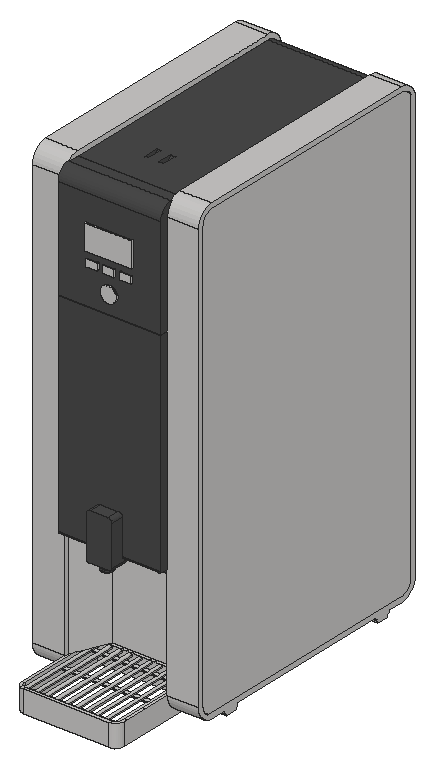
Revit family "QF_MARCO_MIX PB8", category Specialty Equipment, Revit 2015
Parameters
  Weight in Pounds = 14
  Watts = 2800 W
  Waste Water Discharge Temperature = 0 °F
  Volts = 230 V
  URL Cutsheet = ""
  Specification by User = ""
  Specification by Manufacturer = ""
  Serial Number = ""
  Seismic Rating = ""
  SMACNA No = ""
  Revision Code = ""
  Plumbing Remarks = ""
  Plumbing Connection Type = ""
  Phase = 1
  Number of Poles = 1
  NAFEM Spec ID Number = ""
  Model = "MIX PB8"
  Min Ckt Ampacity = 0 A
  Max Overcurrent Protection = 0 A
  Masterspec = ""
  Manufacturer = "MARCO"
  Length = 8.268"
  Item Number = ""
  Installed By = ""
  Indirect Waste Size = 3/4"
  Indirect Waste Flow = 0 GPM
  Indirect Waste Connection Type = ""
  Indirect Waste Connection Height = 0.000"
  Identify Quantity as Lot = yes
  Height = 23.307"
  HP = ""
  Furnished By = ""
  Foodservice Equipment Identifier = yes
  FL Amps = if(Phase = 3, Watts / (Volts * 1.73), Watts / Volts)  # 12.1739 A
  Electrical Remarks = ""
  Electric Connection Type = ""
  Elec Conn RI Height = 0.000"
  Elec Conn Connection Height = 0.000"
  Description = "MIX COUNTERTOP MULTI-TEMP WATER BOILERS/PUSH BUTTON"
  Depth = 13.862"
  Cycle = 60 Hz
  Conn Plug = "NEMA L6-20P"
  Conn Conduit = yes
  Cold Water Temperature Recommended = 0 °F
  Cold Water Size = 3/4"
  Cold Water RI Height = 0.000"
  Cold Water Minimum Pressure = 0.00 psi
  Cold Water Maximum Pressure = 0.00 psi
  Cold Water Flow = 0 GPM
  Cold Water Consumption = ""
  Cold Water Connection Height = 0.000"
  CSI MasterFormat = ""
  Apparent Power = 0 VA
Reference planes (in)
  plane 1 "BACK": y = 0
  plane 2: z = 0
  plane 3 "LEFT": x = 0
  plane 4 "RIGHT": x = 8.268
  plane 5 "FRONT": y = -13.862
  plane 6 "TOP": z = 23.307
  plane 7 "Center Y": x = 4.134
  plane 8 "Center X": y = -6.931
  plane 9: y = 0.58091
  plane 10: y = -16.54509
  plane 11: z = 6.09241
Forms (in)
  Extrusion 1, solid, material "QF_Metal - Stainless - Polished"
    sketch origin (8.268, 0, 0) x (0, 1, 0) y (0, 0, -1)
      loop
        line (-12.63966, -23.30679) -> (-0.82864, -23.3059)
        arc (-0.82864, -23.3059) -> (-0.2427, -23.0632) -> (0, -22.47726) r 0.82864
        line (0, -22.47726) -> (0, -1.10167)
        arc (0, -1.10167) -> (-0.24225, -0.51492) -> (-0.82864, -0.27177) r 0.82864
        line (-0.82864, -0.27177) -> (-1.61604, -0.27177) -> (-1.61604, -0.23427)
        arc (-1.61604, -0.23427) -> (-1.65063, -0.15075) -> (-1.73415, -0.11615) r 0.11811
        line (-1.73415, -0.11615) -> (-1.73415, 0) -> (-2.28533, 0) -> (-2.28533, -0.11615)
        arc (-2.28533, -0.11615) -> (-2.36885, -0.15075) -> (-2.40344, -0.23427) r 0.11811
        line (-2.40344, -0.23427) -> (-2.40344, -0.27177) -> (-11.06486, -0.27177) -> (-11.06486, -0.23427)
        arc (-11.06486, -0.23427) -> (-11.09945, -0.15075) -> (-11.18297, -0.11615) r 0.11811
        line (-11.18297, -0.11615) -> (-11.18297, 0) -> (-11.73415, 0) -> (-11.73415, -0.11615)
        arc (-11.73415, -0.11615) -> (-11.81766, -0.15075) -> (-11.85226, -0.23427) r 0.11811
        line (-11.85226, -0.23427) -> (-11.85226, -0.27177) -> (-12.63966, -0.27177)
        arc (-12.63966, -0.27177) -> (-13.22568, -0.51456) -> (-13.4683, -1.10065) r 0.82864
        line (-13.4683, -1.10065) -> (-13.4683, -22.47815)
        arc (-13.4683, -22.47815) -> (-13.2256, -23.06409) -> (-12.63966, -23.30679) r 0.82864
      loop
        arc (-0.8247, -23.08418) -> (-0.3989, -22.90781) -> (-0.22253, -22.48202) r 0.60216
        line (-0.22253, -22.48202) -> (-0.22253, -1.11659)
        arc (-0.22253, -1.11659) -> (-0.39899, -0.6906) -> (-0.82498, -0.51415) r 0.60245
        line (-0.82498, -0.51415) -> (-12.64318, -0.51415)
        arc (-12.64318, -0.51415) -> (-13.06913, -0.69058) -> (-13.24556, -1.11652) r 0.60237
        line (-13.24556, -1.11652) -> (-13.24556, -22.48186)
        arc (-13.24556, -22.48186) -> (-13.06873, -22.90818) -> (-12.64206, -23.08418) r 0.60232
        line (-12.64206, -23.08418) -> (-0.8247, -23.08418)
    from 0 to 1.58071
  Extrusion 2, solid, material "QF_Plastic - Black - Smooth"
    sketch origin (8.268, 0, 0) x (0, 1, 0) y (0, 0, -1)
      loop
        arc (-0.8247, -23.08418) -> (-0.3989, -22.90781) -> (-0.22253, -22.48202) r 0.60216
        line (-0.22253, -22.48202) -> (-0.22253, -1.11659)
        arc (-0.22253, -1.11659) -> (-0.39899, -0.6906) -> (-0.82498, -0.51415) r 0.60245
        line (-0.82498, -0.51415) -> (-11.49556, -0.51415) -> (-11.49556, -6.41614) -> (-13.24556, -6.41614) -> (-13.24556, -22.48186)
        arc (-13.24556, -22.48186) -> (-13.06873, -22.90818) -> (-12.64206, -23.08418) r 0.60232
        line (-12.64206, -23.08418) -> (-0.8247, -23.08418)
    from 1.58071 to 6.68729
  Extrusion 3, solid, material "QF_Plastic - Black - Smooth"
    sketch origin (8.268, 0, 0) x (0, 1, 0) y (0, 0, -1)
      loop
        arc (-12.64206, -23.08418) -> (-13.06873, -22.90818) -> (-13.24556, -22.48186) r 0.60232
        line (-13.24556, -22.48186) -> (-13.24556, -17.38387) -> (-13.862, -17.38387) -> (-13.862, -22.43899)
        arc (-13.862, -22.43899) -> (-13.66597, -22.91225) -> (-13.19271, -23.10828) r 0.66929
        line (-13.19271, -23.10828) -> (-12.64206, -23.08418)
      loop
        line (-13.24556, -6.73242) -> (-13.82598, -6.75269)
        arc (-13.82598, -6.75269) -> (-13.85152, -6.76407) -> (-13.862, -6.78999) r 0.03732
        line (-13.862, -6.78999) -> (-13.862, -17.34049) -> (-13.24556, -17.34049) -> (-13.24556, -6.73242)
    from 6.68729 to 1.58071
  Extrusion 4, solid, material "QF_Plastic - Black - Smooth"
    sketch origin (0, -14.49295, 8.76182) x (0, 0, -1) y (1, 0, 0)
      loop
        line (0.19678, 3.50394) -> (2.2171, 3.50394)
        arc (2.2171, 3.50394) -> (2.30802, 3.5416) -> (2.34568, 3.63252) r 0.12858
        line (2.34568, 3.63252) -> (2.34568, 4.63478)
        arc (2.34568, 4.63478) -> (2.3079, 4.726) -> (2.21668, 4.76378) r 0.129
        line (2.21668, 4.76378) -> (0.19678, 4.76378)
        spline (0.19678, 4.76378) -> (0.17115, 4.7621) -> (0.14596, 4.75711) -> (0.12163, 4.74887) -> (0.09859, 4.73754) -> (0.07721, 4.7233) -> (0.05788, 4.7064) -> (0.04091, 4.68713) -> (0.0266, 4.66581) -> (0.01518, 4.64281) -> (0.00686, 4.61851) -> (0.00177, 4.59333) -> (0, 4.56771)
        line (0, 4.56771) -> (0, 3.70001)
        spline (0, 3.70001) -> (0.00177, 3.67438) -> (0.00686, 3.64921) -> (0.01518, 3.62491) -> (0.0266, 3.60191) -> (0.04091, 3.58059) -> (0.05788, 3.56131) -> (0.07721, 3.54441) -> (0.09859, 3.53018) -> (0.12163, 3.51885) -> (0.14596, 3.51061) -> (0.17115, 3.50561) -> (0.19678, 3.50394)
    from 0 to -0.63095
  Extrusion 5, solid, material "QF_Plastic - Black - Smooth"
    sketch origin (0, -14.49295, 8.76182) x (0, 0, -1) y (1, 0, 0)
      loop
        line (2.00787, 3.50394) -> (2.2171, 3.50394)
        arc (2.2171, 3.50394) -> (2.30802, 3.5416) -> (2.34568, 3.63252) r 0.12858
        line (2.34568, 3.63252) -> (2.34568, 4.63478)
        arc (2.34568, 4.63478) -> (2.3079, 4.726) -> (2.21668, 4.76378) r 0.129
        line (2.21668, 4.76378) -> (2.00787, 4.76378) -> (2.00787, 3.50394)
    from -1.2474 to -0.63095
  Extrusion 6, solid, material "QF_Metal - Stainless - Polished"
    sketch origin (8.268, 0, 0) x (0, 1, 0) y (0, 0, -1)
      loop
        arc (-0.8247, -23.08418) -> (-0.3989, -22.90781) -> (-0.22253, -22.48202) r 0.60216
        line (-0.22253, -22.48202) -> (-0.22253, -1.11659)
        arc (-0.22253, -1.11659) -> (-0.39899, -0.6906) -> (-0.82498, -0.51415) r 0.60245
        line (-0.82498, -0.51415) -> (-12.64318, -0.51415)
        arc (-12.64318, -0.51415) -> (-13.06913, -0.69058) -> (-13.24556, -1.11652) r 0.60237
        line (-13.24556, -1.11652) -> (-13.24556, -22.48186)
        arc (-13.24556, -22.48186) -> (-13.06873, -22.90818) -> (-12.64206, -23.08418) r 0.60232
        line (-12.64206, -23.08418) -> (-0.8247, -23.08418)
    from 1.58071 to 0
  Extrusion 7, solid, material "QF_Metal - Stainless - Polished"
    sketch origin (0, 0, 0) x (0, 1, 0) y (0, 0, 1)
      loop
        line (-0.8247, 23.08418) -> (-12.64206, 23.08418)
        arc (-12.64206, 23.08418) -> (-13.06873, 22.90818) -> (-13.24556, 22.48186) r 0.60232
        line (-13.24556, 22.48186) -> (-13.24556, 1.11652)
        arc (-13.24556, 1.11652) -> (-13.06913, 0.69058) -> (-12.64318, 0.51415) r 0.60237
        line (-12.64318, 0.51415) -> (-0.82498, 0.51415)
        arc (-0.82498, 0.51415) -> (-0.39899, 0.6906) -> (-0.22253, 1.11659) r 0.60245
        line (-0.22253, 1.11659) -> (-0.22253, 22.48202)
        arc (-0.22253, 22.48202) -> (-0.3989, 22.90781) -> (-0.8247, 23.08418) r 0.60216
    from 1.58071 to 0
  Extrusion 8, solid, material "QF_Metal - Stainless - Polished"
    sketch origin (0, 0.63732, 0) x (1, 0, 0) y (0, 1, 0)
      loop
        line (2.01575, -17.1824) -> (6.25197, -17.1824)
        arc (6.25197, -17.1824) -> (6.55661, -17.05622) -> (6.68279, -16.75158) r 0.43082
        line (6.68279, -16.75158) -> (6.68279, -12.13287) -> (1.58493, -12.13287) -> (1.58493, -16.75158)
        arc (1.58493, -16.75158) -> (1.71111, -17.05622) -> (2.01575, -17.1824) r 0.43082
      loop
        arc (1.70993, -16.75158) -> (1.7995, -16.96783) -> (2.01575, -17.05741) r 0.30582
        line (2.01575, -17.05741) -> (6.25197, -17.0574)
        arc (6.25197, -17.0574) -> (6.46822, -16.96783) -> (6.55779, -16.75158) r 0.30582
        line (6.55779, -16.75158) -> (6.55779, -12.25787) -> (1.70993, -12.25787) -> (1.70993, -16.75158)
    from 0 to 1.10041
  Revolve 9, solid, material "QF_Metal - Stainless - Polished"
    sketch origin (3.62771, -180, 3.43729) x (0, 0, 1) y (0, -1, 0)
      loop
        line (-1.37822, -180.13895) -> (-1.37822, -180.35399) -> (-1.33664, -180.39557) -> (-0.08295, -180.46226) -> (-0.08295, -180.52464) -> (0, -180.52464) -> (0, -180.13895) -> (-1.37822, -180.13895)
      axis (0, -180.13895) -> (-1.37822, -180.13895)
    angle from 0 to 360
  Extrusion 10, solid, material "QF_Metal - Stainless - Polished"
    sketch origin (0, 0, 0) x (0, 1, 0) y (0, 0, 1)
      loop
        line (-0.22253, 5.57875) -> (-0.22253, 4.57482) -> (0.17727, 4.57482)
        arc (0.17727, 4.57482) -> (0.26079, 4.60941) -> (0.29538, 4.69293) r 0.11811
        line (0.29538, 4.69293) -> (0.29538, 4.83101)
        arc (0.29538, 4.83101) -> (0.28635, 4.87631) -> (0.26064, 4.91467) r 0.11811
        line (0.26064, 4.91467) -> (0.15425, 5.02106)
        arc (0.15425, 5.02106) -> (0.13114, 5.07682) -> (0.1543, 5.13255) r 0.07874
        line (0.1543, 5.13255) -> (0.26059, 5.23885)
        arc (0.26059, 5.23885) -> (0.28634, 5.27723) -> (0.29538, 5.32256) r 0.11811
        line (0.29538, 5.32256) -> (0.29538, 5.46064)
        arc (0.29538, 5.46064) -> (0.26079, 5.54416) -> (0.17727, 5.57875) r 0.11811
        line (0.17727, 5.57875) -> (-0.22253, 5.57875)
    from 6.04324 to 6.17564
  Extrusion 11, solid, material "QF_Metal - Stainless - Polished"
    sketch origin (0, 0, 0) x (0, 1, 0) y (0, 0, 1)
      loop
        arc (-12.63966, 23.30679) -> (-13.2256, 23.06409) -> (-13.4683, 22.47815) r 0.82864
        line (-13.4683, 22.47815) -> (-13.4683, 1.10065)
        arc (-13.4683, 1.10065) -> (-13.22568, 0.51456) -> (-12.63966, 0.27177) r 0.82864
        line (-12.63966, 0.27177) -> (-11.85226, 0.27177) -> (-11.85226, 0.23427)
        arc (-11.85226, 0.23427) -> (-11.81766, 0.15075) -> (-11.73415, 0.11615) r 0.11811
        line (-11.73415, 0.11615) -> (-11.73415, 0) -> (-11.18297, 0) -> (-11.18297, 0.11615)
        arc (-11.18297, 0.11615) -> (-11.09945, 0.15075) -> (-11.06486, 0.23427) r 0.11811
        line (-11.06486, 0.23427) -> (-11.06486, 0.27177) -> (-2.40344, 0.27177) -> (-2.40344, 0.23427)
        arc (-2.40344, 0.23427) -> (-2.36885, 0.15075) -> (-2.28533, 0.11615) r 0.11811
        line (-2.28533, 0.11615) -> (-2.28533, 0) -> (-1.73415, 0) -> (-1.73415, 0.11615)
        arc (-1.73415, 0.11615) -> (-1.65063, 0.15075) -> (-1.61604, 0.23427) r 0.11811
        line (-1.61604, 0.23427) -> (-1.61604, 0.27177) -> (-0.82864, 0.27177)
        arc (-0.82864, 0.27177) -> (-0.24225, 0.51492) -> (0, 1.10167) r 0.82864
        line (0, 1.10167) -> (0, 22.47726)
        arc (0, 22.47726) -> (-0.2427, 23.0632) -> (-0.82864, 23.3059) r 0.82864
        line (-0.82864, 23.3059) -> (-12.63966, 23.30679)
      loop
        line (-0.8247, 23.08418) -> (-12.64206, 23.08418)
        arc (-12.64206, 23.08418) -> (-13.06873, 22.90818) -> (-13.24556, 22.48186) r 0.60232
        line (-13.24556, 22.48186) -> (-13.24556, 1.11652)
        arc (-13.24556, 1.11652) -> (-13.06913, 0.69058) -> (-12.64318, 0.51415) r 0.60237
        line (-12.64318, 0.51415) -> (-0.82498, 0.51415)
        arc (-0.82498, 0.51415) -> (-0.39899, 0.6906) -> (-0.22253, 1.11659) r 0.60245
        line (-0.22253, 1.11659) -> (-0.22253, 22.48202)
        arc (-0.22253, 22.48202) -> (-0.3989, 22.90781) -> (-0.8247, 23.08418) r 0.60216
    from 0 to 1.58071
  Revolve 12, solid, material "QF_Plastic - Black - Smooth"
    sketch origin (4.134, 0, 0) x (0, 1, 0) y (0, 0, 1)
      loop
        line (-14.00974, 6.09254) -> (-14.00974, 6.60027) -> (-14.40124, 6.60027) -> (-14.30501, 6.24115) -> (-14.30501, 6.12235)
        arc (-14.30501, 6.12235) -> (-14.29628, 6.10127) -> (-14.2752, 6.09254) r 0.02981
        line (-14.2752, 6.09254) -> (-14.00974, 6.09254)
      axis (-14.00974, 6.09254) -> (-14.00974, 6.60027)
    angle from 0 to 360
  Extrusion 13, void
    sketch origin (0.90625, 0, 0) x (0, 1, 0) y (0, 0, 1)
      loop
        arc (-11.07679, 23.08418) -> (-10.70179, 22.90403) -> (-10.32679, 23.08418) r 0.48037
        line (-10.32679, 23.08418) -> (-11.07679, 23.08418)
    from 2.76607 to 2.97503
  Extrusion 14, void
    sketch origin (7.36175, 0, 0) x (0, 1, 0) y (0, 0, -1)
      loop
        line (-11.07679, -23.08418) -> (-10.32679, -23.08418)
        arc (-10.32679, -23.08418) -> (-10.70179, -22.90403) -> (-11.07679, -23.08418) r 0.48037
    from 2.76607 to 2.97503
  Extrusion 15, solid, material "QF_Metal - Stainless - Polished Brushed"
    sketch origin (8.268, -13.862, -6.02073) x (0, 0, 1) y (-1, 0, 0)
      loop
        line (27.16838, 5.2995) -> (25.90494, 5.2995) -> (25.90494, 2.97307) -> (27.16838, 2.97307) -> (27.16838, 5.2995)
      loop
        line (25.56829, 4.70076) -> (25.56829, 5.23691)
        spline (25.56829, 5.23691) -> (25.56811, 5.23947) -> (25.56759, 5.24199) -> (25.56676, 5.24442) -> (25.56561, 5.24671) -> (25.56418, 5.24884) -> (25.56248, 5.25077) -> (25.56055, 5.25246) -> (25.55841, 5.25388) -> (25.5561, 5.25501) -> (25.55367, 5.25583) -> (25.55115, 5.25633) -> (25.54859, 5.2565)
        line (25.54859, 5.2565) -> (25.2291, 5.2565)
        spline (25.2291, 5.2565) -> (25.22653, 5.25633) -> (25.224, 5.25583) -> (25.22156, 5.255) -> (25.21925, 5.25387) -> (25.21711, 5.25244) -> (25.21517, 5.25074) -> (25.21347, 5.2488) -> (25.21204, 5.24666) -> (25.2109, 5.24435) -> (25.21008, 5.24191) -> (25.20957, 5.23939) -> (25.20941, 5.23682)
        line (25.20941, 5.23682) -> (25.20941, 4.70076)
        spline (25.20941, 4.70076) -> (25.20958, 4.69819) -> (25.21008, 4.69567) -> (25.21091, 4.69323) -> (25.21204, 4.69092) -> (25.21347, 4.68878) -> (25.21517, 4.68684) -> (25.21711, 4.68515) -> (25.21925, 4.68372) -> (25.22156, 4.68258) -> (25.224, 4.68175) -> (25.22652, 4.68125) -> (25.22909, 4.68108)
        line (25.22909, 4.68108) -> (25.54861, 4.68108)
        spline (25.54861, 4.68108) -> (25.55118, 4.68125) -> (25.5537, 4.68175) -> (25.55614, 4.68258) -> (25.55845, 4.68372) -> (25.56059, 4.68515) -> (25.56252, 4.68684) -> (25.56422, 4.68878) -> (25.56565, 4.69092) -> (25.56679, 4.69323) -> (25.56762, 4.69567) -> (25.56812, 4.69819) -> (25.56829, 4.70076)
      loop
        line (25.56829, 3.86612) -> (25.56829, 4.40227)
        spline (25.56829, 4.40227) -> (25.56811, 4.40483) -> (25.5676, 4.40734) -> (25.56676, 4.40977) -> (25.56562, 4.41207) -> (25.56419, 4.4142) -> (25.56249, 4.41612) -> (25.56056, 4.41781) -> (25.55842, 4.41923) -> (25.55612, 4.42036) -> (25.55369, 4.42118) -> (25.55117, 4.42168) -> (25.54861, 4.42185)
        line (25.54861, 4.42185) -> (25.22909, 4.42185)
        spline (25.22909, 4.42185) -> (25.22652, 4.42168) -> (25.224, 4.42118) -> (25.22156, 4.42035) -> (25.21925, 4.41921) -> (25.21711, 4.41778) -> (25.21517, 4.41609) -> (25.21348, 4.41415) -> (25.21205, 4.41201) -> (25.21091, 4.4097) -> (25.21008, 4.40726) -> (25.20958, 4.40474) -> (25.20941, 4.40217)
        line (25.20941, 4.40217) -> (25.20941, 3.86612)
        spline (25.20941, 3.86612) -> (25.20958, 3.86355) -> (25.21008, 3.86102) -> (25.21091, 3.85858) -> (25.21205, 3.85627) -> (25.21348, 3.85413) -> (25.21517, 3.8522) -> (25.21711, 3.8505) -> (25.21925, 3.84907) -> (25.22156, 3.84793) -> (25.224, 3.8471) -> (25.22652, 3.8466) -> (25.22909, 3.84643)
        line (25.22909, 3.84643) -> (25.54861, 3.84643)
        spline (25.54861, 3.84643) -> (25.55118, 3.8466) -> (25.5537, 3.8471) -> (25.55614, 3.84793) -> (25.55845, 3.84907) -> (25.56059, 3.8505) -> (25.56253, 3.8522) -> (25.56422, 3.85413) -> (25.56565, 3.85627) -> (25.56679, 3.85858) -> (25.56762, 3.86102) -> (25.56812, 3.86355) -> (25.56829, 3.86612)
      loop
        line (25.56829, 3.03147) -> (25.56829, 3.56762)
        spline (25.56829, 3.56762) -> (25.56811, 3.57018) -> (25.5676, 3.5727) -> (25.56676, 3.57513) -> (25.56562, 3.57742) -> (25.56418, 3.57955) -> (25.56249, 3.58148) -> (25.56055, 3.58316) -> (25.55842, 3.58458) -> (25.55612, 3.58572) -> (25.55368, 3.58654) -> (25.55117, 3.58704) -> (25.54861, 3.5872)
        line (25.54861, 3.5872) -> (25.22909, 3.5872)
        spline (25.22909, 3.5872) -> (25.22652, 3.58704) -> (25.224, 3.58653) -> (25.22156, 3.58571) -> (25.21925, 3.58457) -> (25.21711, 3.58314) -> (25.21517, 3.58144) -> (25.21347, 3.5795) -> (25.21204, 3.57736) -> (25.21091, 3.57505) -> (25.21008, 3.57262) -> (25.20958, 3.57009) -> (25.20941, 3.56752)
        line (25.20941, 3.56752) -> (25.20941, 3.03147)
        spline (25.20941, 3.03147) -> (25.20957, 3.0289) -> (25.21008, 3.02638) -> (25.2109, 3.02394) -> (25.21204, 3.02163) -> (25.21347, 3.01949) -> (25.21516, 3.01755) -> (25.2171, 3.01586) -> (25.21924, 3.01443) -> (25.22155, 3.01329) -> (25.22398, 3.01246) -> (25.22651, 3.01196) -> (25.22908, 3.01179)
        line (25.22908, 3.01179) -> (25.54862, 3.01179)
        spline (25.54862, 3.01179) -> (25.55118, 3.01196) -> (25.55371, 3.01246) -> (25.55614, 3.01329) -> (25.55845, 3.01443) -> (25.56059, 3.01586) -> (25.56253, 3.01756) -> (25.56422, 3.0195) -> (25.56565, 3.02164) -> (25.56679, 3.02394) -> (25.56762, 3.02638) -> (25.56812, 3.02891) -> (25.56829, 3.03147)
    from 0 to 0.063
  Extrusion 16, solid, material "QF_Metal - Stainless - Polished"
    sketch origin (8.268, -13.862, -6.02073) x (0, 0, 1) y (-1, 0, 0)
      loop
        circle (24.34101, 4.134) r 0.4
    from 0 to 0.063
  Extrusion 17, solid, material "QF_Metal - Stainless - Polished"
    sketch origin (0, 0, 0) x (1, 0, 0) y (0, 1, 0)
      loop
        line (1.58493, -13.24087) -> (2.37067, -11.49556) -> (1.58493, -11.49556) -> (1.58493, -13.24087)
      loop
        line (6.68307, -13.24087) -> (6.68307, -11.49556) -> (5.89733, -11.49556) -> (6.68307, -13.24087)
    from 6.41614 to 1.10041
  Extrusion 18, solid, material "QF_Metal - Stainless - Polished"
    sketch origin (1.58071, -11.62056, 0) x (1, 0, 0) y (0, 0, 1)
      loop
        circle (0.29441, 0.95839) r 0.0782
      loop
        circle (0.79441, 0.95839) r 0.0782
      loop
        circle (1.29441, 0.95839) r 0.0782
      loop
        circle (1.79441, 0.95839) r 0.0782
      loop
        circle (2.29441, 0.95839) r 0.0782
      loop
        circle (2.79441, 0.95839) r 0.0782
      loop
        circle (3.29441, 0.95839) r 0.0782
      loop
        circle (3.79441, 0.95839) r 0.0782
      loop
        circle (4.29441, 0.95839) r 0.0782
      loop
        circle (4.79441, 0.95839) r 0.0782
    from 0 to 4.79953
  Extrusion 19, solid, material "QF_Metal - Stainless - Polished"
    sketch origin (1.70993, -16.11427, 0) x (0, 1, 0) y (0, 0, 1)
      loop
        circle (0.04942, 0.80361) r 0.078
      loop
        circle (2.25728, 0.80361) r 0.078
      loop
        circle (4.11996, 0.80361) r 0.078
    from 0 to 4.84786
  Extrusion 20, solid, material "QF_Metal - Stainless - Polished"
    sketch origin (8.268, 0.61085, 1.11659) x (0, 0, 1) y (1, 0, 0)
      loop
        line (4.27909, -6.20115) -> (4.27909, -4.08486)
        arc (4.27909, -4.08486) -> (4.20587, -3.90809) -> (4.02909, -3.83486) r 0.25
        line (4.02909, -3.83486) -> (2.55693, -3.83486)
        arc (2.55693, -3.83486) -> (2.38015, -3.90809) -> (2.30693, -4.08486) r 0.25
        line (2.30693, -4.08486) -> (2.30693, -6.20115)
        arc (2.30693, -6.20115) -> (2.38015, -6.37793) -> (2.55693, -6.45115) r 0.25
        line (2.55693, -6.45115) -> (4.02909, -6.45115)
        arc (4.02909, -6.45115) -> (4.20587, -6.37793) -> (4.27909, -6.20115) r 0.25
      loop
        line (3.94053, -6.1715) -> (3.94053, -5.34489)
        arc (3.94053, -5.34489) -> (3.91751, -5.28914) -> (3.86179, -5.26603) r 0.07873
        line (3.86179, -5.26603) -> (2.75935, -5.26603)
        arc (2.75935, -5.26603) -> (2.70371, -5.28912) -> (2.68067, -5.34477) r 0.07874
        line (2.68067, -5.34477) -> (2.68067, -6.17154)
        arc (2.68067, -6.17154) -> (2.70373, -6.22721) -> (2.7594, -6.25026) r 0.07873
        line (2.7594, -6.25026) -> (3.86177, -6.25026)
        arc (3.86177, -6.25026) -> (3.91746, -6.22719) -> (3.94053, -6.1715) r 0.07877
    from -0.83338 to -0.02994
  Extrusion 21, solid, material "QF_Metal - Stainless - Polished"
    sketch origin (8.268, 0.61085, 1.11659) x (0, 0, 1) y (1, 0, 0)
      loop
        line (3.94053, -6.1715) -> (3.94053, -5.34489)
        arc (3.94053, -5.34489) -> (3.91751, -5.28914) -> (3.86179, -5.26603) r 0.07873
        line (3.86179, -5.26603) -> (2.75935, -5.26603)
        arc (2.75935, -5.26603) -> (2.70371, -5.28912) -> (2.68067, -5.34477) r 0.07874
        line (2.68067, -5.34477) -> (2.68067, -6.17154)
        arc (2.68067, -6.17154) -> (2.70373, -6.22721) -> (2.7594, -6.25026) r 0.07873
        line (2.7594, -6.25026) -> (3.86177, -6.25026)
        arc (3.86177, -6.25026) -> (3.91746, -6.22719) -> (3.94053, -6.1715) r 0.07877
    from -0.83338 to -0.02994
  Extrusion 22, solid, material "QF_Metal - Stainless - Polished"
    sketch origin (0, -0.22253, 5.57875) x (0, 0, -1) y (1, 0, 0)
      loop
        circle (0.50197, 6.10236) r 0.54973
    from 0 to -0.125
Cuts and joins
  joined: Extrusion 4, Extrusion 5
  Extrusion 13, Extrusion 14 cuts Extrusion 2
Lines and regions (in)
  symbolic lines
    curve 1: line (0, 0, 0) -> (1.58071, 0, 0)
    curve 2: line (0, -13.4683, 0) -> (0, 0, 0)
    curve 3: line (1.58071, -13.4683, 0) -> (0, -13.4683, 0)
    curve 4: line (1.58071, 0, 0) -> (1.58071, -13.4683, 0)
    curve 5: line (6.68729, -13.4683, 0) -> (8.268, -13.4683, 0)
    curve 6: line (6.68729, 0, 0) -> (6.68729, -13.4683, 0)
    curve 7: line (8.268, 0, 0) -> (6.68729, 0, 0)
    curve 8: line (8.268, -13.4683, 0) -> (8.268, 0, 0)
    curve 9: line (2.02372, -16.54509, 0) -> (6.24628, -16.54509, 0)
    curve 10: line (1.58071, -13.4683, 0) -> (1.58071, -16.10207, 0)
    curve 11: arc (1.58071, -16.10207, 0) -> (1.71046, -16.41533, 0) -> (2.02372, -16.54509, 0) r 0.44301
    curve 12: line (6.68729, -13.4683, 0) -> (6.68729, -16.10407, 0)
    curve 13: arc (6.24628, -16.54509, 0) -> (6.55812, -16.41592, 0) -> (6.68729, -16.10407, 0) r 0.44101
    curve 14: line (1.70993, -13.862, 0) -> (1.70993, -16.11622, 0)
    curve 15: line (2.01379, -16.42009, 0) -> (6.25506, -16.42009, 0)
    curve 16: line (6.55779, -13.862, 0) -> (6.55779, -16.11735, 0)
    curve 17: arc (6.55779, -16.11735, 0) -> (6.46912, -16.33142, 0) -> (6.25506, -16.42009, 0) r 0.30273
    curve 18: arc (1.70993, -16.11622, 0) -> (1.79893, -16.33109, 0) -> (2.01379, -16.42009, 0) r 0.30387
    curve 19: line (1.58071, -13.862, 0) -> (6.68729, -13.862, 0)
    curve 20: line (5.29689, -13.862, 0) -> (5.29689, -16.42009, 0)
    curve 21: line (5.4533, -16.42009, 0) -> (5.4533, -13.862, 0)
    curve 22: line (5.79691, -13.862, 0) -> (5.79691, -16.42009, 0)
    curve 23: line (5.95332, -16.42009, 0) -> (5.95332, -13.862, 0)
    curve 24: line (4.79691, -13.862, 0) -> (4.79691, -16.42009, 0)
    curve 25: line (4.95332, -16.42009, 0) -> (4.95332, -13.862, 0)
    curve 26: line (4.29691, -14.49295, 0) -> (4.29691, -16.42009, 0)
    curve 27: line (4.45332, -16.42009, 0) -> (4.45332, -14.49295, 0)
    curve 28: line (3.79691, -14.49295, 0) -> (3.79691, -16.42009, 0)
    curve 29: line (3.95332, -16.42009, 0) -> (3.95332, -14.49295, 0)
    curve 30: line (3.29691, -13.862, 0) -> (3.29691, -16.42009, 0)
    curve 31: line (3.45332, -16.42009, 0) -> (3.45332, -13.862, 0)
    curve 32: line (2.79691, -13.862, 0) -> (2.79691, -16.42009, 0)
    curve 33: line (2.95332, -16.42009, 0) -> (2.95332, -13.862, 0)
    curve 34: line (2.29691, -13.862, 0) -> (2.29691, -16.42009, 0)
    curve 35: line (2.45332, -16.42009, 0) -> (2.45332, -13.862, 0)
    curve 36: line (1.79609, -13.862, 0) -> (1.79609, -16.32822, 0)
    curve 37: line (1.95251, -16.41384, 0) -> (1.95251, -13.862, 0)
    curve 38: line (6.29691, -13.862, 0) -> (6.29691, -16.41718, 0)
    curve 39: line (6.45332, -16.42009, 0) -> (6.45332, -13.862, 0)
    curve 40: line (1.70993, -15.98617, 0) -> (1.79609, -15.98617, 0)
    curve 41: line (1.95251, -15.98617, 0) -> (2.29691, -15.98617, 0)
    curve 42: line (2.45332, -15.98617, 0) -> (2.79691, -15.98617, 0)
    curve 43: line (2.95332, -15.98617, 0) -> (3.29691, -15.98617, 0)
    curve 44: line (3.45332, -15.98617, 0) -> (3.79691, -15.98617, 0)
    curve 45: line (3.95332, -15.98617, 0) -> (4.29691, -15.98617, 0)
    curve 46: line (4.45332, -15.98617, 0) -> (4.79691, -15.98617, 0)
    curve 47: line (4.95332, -15.98617, 0) -> (5.29689, -15.98617, 0)
    curve 48: line (5.4533, -15.98617, 0) -> (5.79691, -15.98617, 0)
    curve 49: line (5.95332, -15.98617, 0) -> (6.29691, -15.98617, 0)
    curve 50: line (6.45332, -15.98617, 0) -> (6.55779, -15.98617, 0)
    curve 51: line (1.71102, -16.14193, 0) -> (1.79609, -16.14193, 0)
    curve 52: line (1.95251, -16.14193, 0) -> (2.29691, -16.14193, 0)
    curve 53: line (2.45332, -16.14193, 0) -> (2.79691, -16.14193, 0)
    curve 54: line (2.95332, -16.14193, 0) -> (3.29691, -16.14193, 0)
    curve 55: line (3.45332, -16.14193, 0) -> (3.79691, -16.14193, 0)
    curve 56: line (3.95332, -16.14193, 0) -> (4.29691, -16.14193, 0)
    curve 57: line (4.45332, -16.14193, 0) -> (4.79691, -16.14193, 0)
    curve 58: line (4.95332, -16.14193, 0) -> (5.29689, -16.14193, 0)
    curve 59: line (5.4533, -16.14193, 0) -> (5.79691, -16.14193, 0)
    curve 60: line (5.95332, -16.14193, 0) -> (6.29691, -16.14193, 0)
    curve 61: line (6.45332, -16.14193, 0) -> (6.55679, -16.14193, 0)
    curve 62: line (1.58071, -12.64318, 0) -> (6.68729, -12.64318, 0)
    curve 63: line (3.67232, -10.32679, 0) -> (3.88128, -10.32679, 0)
    curve 64: line (3.67232, -11.07679, 0) -> (3.67232, -10.32679, 0)
    curve 65: line (3.88128, -11.07679, 0) -> (3.67232, -11.07679, 0)
    curve 66: line (3.88128, -10.32679, 0) -> (3.88128, -11.07679, 0)
    curve 67: line (4.38672, -10.32679, 0) -> (4.59568, -10.32679, 0)
    curve 68: line (4.38672, -11.07679, 0) -> (4.38672, -10.32679, 0)
    curve 69: line (4.59568, -11.07679, 0) -> (4.38672, -11.07679, 0)
    curve 70: line (4.59568, -10.32679, 0) -> (4.59568, -11.07679, 0)
    curve 71: line (1.81685, 0.58091, 0) -> (1.81685, -0.22253, 0)
    curve 72: line (1.81685, 0.58091, 0) -> (4.43314, 0.58091, 0)
    curve 73: line (4.43314, 0.58091, 0) -> (4.43314, -0.22253, 0)
    curve 74: line (5.55263, -0.09753, 0) -> (6.6521, -0.09753, 0)
    curve 75: line (6.6521, -0.09753, 0) -> (6.6521, -0.22253, 0)
    curve 76: line (5.55263, -0.09753, 0) -> (5.55263, -0.22253, 0)
    curve 77: line (6.04324, 0.29538, 0) -> (6.04324, -0.09753, 0)
    curve 78: line (6.04324, 0.29538, 0) -> (6.17564, 0.29538, 0)
    curve 79: line (6.17564, 0.29538, 0) -> (6.17564, -0.09753, 0)
    curve 80: line (3.50394, -14.49295, 0) -> (3.50394, -13.862, 0)
    curve 81: line (3.50394, -14.49295, 0) -> (4.76378, -14.49295, 0)
    curve 82: line (4.76378, -14.49295, 0) -> (4.76378, -13.862, 0)
    curve 83: line (1.58071, -13.19271, 0) -> (6.68729, -13.19271, 0)
    curve 84: line (1.58071, -0.22253, 0) -> (6.68729, -0.22253, 0)
Dimensions and locks (in)
  equal spacing: plane 3 "LEFT", plane 7 "Center Y", plane 4 "RIGHT"
  "Length": plane 3 "LEFT" to plane 4 "RIGHT"
  equal spacing: plane 5 "FRONT", plane 8 "Center X", plane 1 "BACK"
  "Depth": plane 5 "FRONT" to plane 1 "BACK"
  "Height": plane 6 "TOP" to level
  plane 10 to plane 9 = 17.126"
  Extrusion 8 to plane 11 = 4.992"
  Extrusion 20 to plane 10 = 17.126"
  aligned and locked: plane 2 to level
Automatic sketch dimensions
  Extrusion 1 sketch curve to plane 6 "TOP" = 0.000"
  Extrusion 1 sketch curve to level = 0.000"  (x2)
  Extrusion 1 sketch curve to plane 6 "TOP" = 0.22282"
  Extrusion 1 sketch curve to Extrusion 1 sketch curve = 0.00117"
  Extrusion 1 sketch curve to Extrusion 1 sketch curve = 0.00352"
  Extrusion 1 sketch curve to Extrusion 1 sketch curve = 0.00357"
  level to Extrusion 1 sketch curve = 0.27177"  (x2)
  Extrusion 1 sketch curve to Extrusion 1 sketch curve = 0.7874"  (x2)
  level to Extrusion 1 sketch curve = 0.11615"  (x3)
  Extrusion 1 sketch curve to Extrusion 1 sketch curve = 0.11811"  (x3)
  Extrusion 1 sketch curve to Extrusion 1 sketch curve = 0.55118"  (x2)
  level to Extrusion 1 sketch curve = 0.23427"
  plane 1 "BACK" to Extrusion 1 sketch curve = 2.40344"
  plane 1 "BACK" to Extrusion 1 sketch curve = 0.82864"
  Extrusion 1 sketch curve to Extrusion 1 sketch curve = 0.00366"
  Extrusion 1 sketch curve to Extrusion 1 sketch curve = 0.00394"
  plane 1 "BACK" to Extrusion 1 sketch curve = 0.22253"
  Extrusion 1 sketch curve to plane 1 "BACK" = 0.000"
  Extrusion 1 sketch curve to Extrusion 1 sketch curve = 0.00371"
  Extrusion 1 sketch curve to Extrusion 1 sketch curve = 0.00475"
  Extrusion 1 sketch curve to Extrusion 1 sketch curve = 0.84482"
  Extrusion 1 sketch curve to Extrusion 1 sketch curve = 0.01492"
  Extrusion 1 sketch curve to Extrusion 1 sketch curve = 0.01587"
  Extrusion 1 sketch curve to Extrusion 1 sketch curve = 0.0375"  (x2)
  Extrusion 1 sketch curve to Extrusion 1 sketch curve = 0.000"  (x2)
  Extrusion 2 sketch curve to Extrusion 2 sketch curve = 0.60232"
  Extrusion 2 sketch curve to plane 6 "TOP" = 0.22282"
  Extrusion 2 sketch curve to Extrusion 2 sketch curve = 0.00117"
  level to Extrusion 2 sketch curve = 0.51415"
  plane 1 "BACK" to Extrusion 2 sketch curve = 0.82498"
  plane 1 "BACK" to Extrusion 2 sketch curve = 0.8247"
  plane 1 "BACK" to Extrusion 2 sketch curve = 0.22253"
  Extrusion 2 sketch curve to Extrusion 2 sketch curve = 5.902"
  Extrusion 3 sketch curve to plane 5 "FRONT" = 0.000"  (x2)
  Extrusion 3 sketch curve to plane 5 "FRONT" = 0.03602"
  Extrusion 3 sketch curve to Extrusion 3 sketch curve = 0.0013"
  Extrusion 3 sketch curve to Extrusion 3 sketch curve = 0.54947"
  Extrusion 3 sketch curve to plane 6 "TOP" = 0.19872"
  Extrusion 3 sketch curve to Extrusion 3 sketch curve = 0.04287"
  Extrusion 3 sketch curve to Extrusion 3 sketch curve = 5.05512"
  Extrusion 3 sketch curve to Extrusion 3 sketch curve = 0.04338"
  level to Extrusion 3 sketch curve = 6.78999"
  Extrusion 3 sketch curve to Extrusion 3 sketch curve = 0.02027"
  Extrusion 3 sketch curve to plane 6 "TOP" = 0.22282"  (x2)
  plane 7 "Center Y" to Extrusion 4 sketch curve = 0.43371"
  level to Extrusion 4 sketch curve = 8.76182"
  plane 7 "Center Y" to Extrusion 4 sketch curve = 0.50078"
  Extrusion 4 sketch curve to Extrusion 4 sketch curve = 2.21668"
  Extrusion 4 sketch curve to Extrusion 4 sketch curve = 0.00042"
  Extrusion 4 sketch curve to Extrusion 4 sketch curve = 0.129"
  Extrusion 4 sketch curve to plane 7 "Center Y" = 0.43399"
  Extrusion 4 sketch curve to plane 7 "Center Y" = 0.50148"
  Extrusion 4 sketch curve to Extrusion 4 sketch curve = 0.19678"  (x2)
  Extrusion 4 sketch curve to Extrusion 4 sketch curve = 0.000"  (x2)
  Extrusion 4 sketch curve to Extrusion 4 sketch curve = 0.00013"  (x2)
  Extrusion 4 sketch curve to Extrusion 4 sketch curve = 0.13929"  (x2)
  Extrusion 4 sketch curve to Extrusion 4 sketch curve = 0.19692"
  Extrusion 4 sketch curve to plane 7 "Center Y" = 0.29386"
  Extrusion 5 sketch curve to plane 7 "Center Y" = 0.63006"
  level to Extrusion 5 sketch curve = 6.75395"
  Extrusion 5 sketch curve to Extrusion 5 sketch curve = 0.20881"
  Extrusion 5 sketch curve to Extrusion 5 sketch curve = 0.20923"
  Extrusion 5 sketch curve to Extrusion 5 sketch curve = 0.129"
  plane 7 "Center Y" to Extrusion 5 sketch curve = 0.50078"
  Extrusion 6 sketch curve to Extrusion 6 sketch curve = 0.60232"
  Extrusion 6 sketch curve to plane 6 "TOP" = 0.22282"
  Extrusion 6 sketch curve to Extrusion 6 sketch curve = 0.00117"
  plane 1 "BACK" to Extrusion 6 sketch curve = 0.82498"
  plane 1 "BACK" to Extrusion 6 sketch curve = 0.8247"
  plane 1 "BACK" to Extrusion 6 sketch curve = 0.22253"
  level to Extrusion 6 sketch curve = 1.11659"
  Extrusion 7 sketch curve to Extrusion 7 sketch curve = 0.60232"
  Extrusion 7 sketch curve to plane 6 "TOP" = 0.22282"
  Extrusion 7 sketch curve to Extrusion 7 sketch curve = 0.00117"
  plane 1 "BACK" to Extrusion 7 sketch curve = 0.82498"
  plane 1 "BACK" to Extrusion 7 sketch curve = 0.8247"
  plane 1 "BACK" to Extrusion 7 sketch curve = 0.22253"
  level to Extrusion 7 sketch curve = 1.11659"
  Extrusion 8 sketch curve to Extrusion 8 sketch curve = 0.000"  (x18)
  plane 3 "LEFT" to Extrusion 8 sketch curve = 1.58493"
  Extrusion 8 sketch curve to Extrusion 8 sketch curve = 0.125"  (x3)
  Extrusion 8 sketch curve to Extrusion 8 sketch curve = 0.30582"
  plane 4 "RIGHT" to Extrusion 8 sketch curve = 2.01603"
  plane 4 "RIGHT" to Extrusion 8 sketch curve = 1.71021"
  plane 5 "FRONT" to Extrusion 8 sketch curve = 2.25227"  (x2)
  Revolve 9 sketch curve to plane 1 "BACK" = 0.13895"
  level to Revolve 9 sketch curve = 2.05907"
  Revolve 9 sketch curve to plane 1 "BACK" = 0.39557"
  Revolve 9 sketch curve to Revolve 9 sketch curve = 0.04158"  (x2)
  Revolve 9 sketch curve to plane 1 "BACK" = 0.46226"
  Revolve 9 sketch curve to Revolve 9 sketch curve = 1.25369"
  Revolve 9 sketch curve to Revolve 9 sketch curve = 0.08295"
  Revolve 9 sketch curve to Revolve 9 sketch curve = 0.06238"
  Revolve 9 sketch curve to Revolve 9 sketch curve = 0.000"  (x2)
  Revolve 9 sketch curve to Revolve 9 sketch curve = 0.14189"
  plane 1 "BACK" to Extrusion 10 sketch curve = 0.22253"
  Extrusion 10 sketch curve to plane 1 "BACK" = 0.15425"
  Extrusion 10 sketch curve to Extrusion 10 sketch curve = 0.00004"
  Extrusion 10 sketch curve to plane 1 "BACK" = 0.17727"  (x2)
  Extrusion 10 sketch curve to Extrusion 10 sketch curve = 0.000"  (x10)
  Extrusion 10 sketch curve to Extrusion 10 sketch curve = 0.05563"
  Extrusion 10 sketch curve to Extrusion 10 sketch curve = 0.08332"
  Extrusion 10 sketch curve to Extrusion 10 sketch curve = 0.08337"
  level to Extrusion 10 sketch curve = 4.57482"
  Extrusion 10 sketch curve to Extrusion 10 sketch curve = 0.11811"  (x4)
  Extrusion 10 sketch curve to Extrusion 10 sketch curve = 0.13809"
  Extrusion 10 sketch curve to Extrusion 10 sketch curve = 0.08366"
  Extrusion 10 sketch curve to Extrusion 10 sketch curve = 0.10639"
  Extrusion 10 sketch curve to Extrusion 10 sketch curve = 0.05572"
  Extrusion 10 sketch curve to Extrusion 10 sketch curve = 0.1063"
  Extrusion 10 sketch curve to Extrusion 10 sketch curve = 0.08371"
  Extrusion 10 sketch curve to Extrusion 10 sketch curve = 0.13808"
  Extrusion 11 sketch curve to plane 6 "TOP" = 0.000"
  Extrusion 11 sketch curve to level = 0.000"  (x2)
  Extrusion 11 sketch curve to plane 6 "TOP" = 0.22282"
  Extrusion 11 sketch curve to Extrusion 11 sketch curve = 0.00117"
  Extrusion 11 sketch curve to Extrusion 11 sketch curve = 0.00352"
  Extrusion 11 sketch curve to Extrusion 11 sketch curve = 0.00357"
  level to Extrusion 11 sketch curve = 0.27177"  (x2)
  Extrusion 11 sketch curve to Extrusion 11 sketch curve = 0.7874"  (x2)
  level to Extrusion 11 sketch curve = 0.11615"  (x4)
  Extrusion 11 sketch curve to Extrusion 11 sketch curve = 0.11811"  (x3)
  Extrusion 11 sketch curve to Extrusion 11 sketch curve = 0.55118"  (x2)
  level to Extrusion 11 sketch curve = 0.23427"
  plane 1 "BACK" to Extrusion 11 sketch curve = 2.40344"
  plane 1 "BACK" to Extrusion 11 sketch curve = 0.82864"
  Extrusion 11 sketch curve to Extrusion 11 sketch curve = 0.00366"
  Extrusion 11 sketch curve to Extrusion 11 sketch curve = 0.00394"
  plane 1 "BACK" to Extrusion 11 sketch curve = 0.22253"
  Extrusion 11 sketch curve to plane 1 "BACK" = 0.000"
  Extrusion 11 sketch curve to Extrusion 11 sketch curve = 0.0375"
  Extrusion 11 sketch curve to Extrusion 11 sketch curve = 0.24238"
  Extrusion 11 sketch curve to Extrusion 11 sketch curve = 0.01611"
  Extrusion 11 sketch curve to Extrusion 11 sketch curve = 0.01619"
  Extrusion 11 sketch curve to Extrusion 11 sketch curve = 0.00475"
  Extrusion 11 sketch curve to Extrusion 11 sketch curve = 0.00371"
  Extrusion 11 sketch curve to Extrusion 11 sketch curve = 0.000"  (x2)
  plane 5 "FRONT" to Revolve 12 sketch curve = 0.53924"
  Revolve 12 sketch curve to Revolve 12 sketch curve = 0.09623"
  Revolve 12 sketch curve to Revolve 12 sketch curve = 0.02981"
  plane 5 "FRONT" to Revolve 12 sketch curve = 0.14774"
  level to Revolve 12 sketch curve = 6.09254"
  Revolve 12 sketch curve to Revolve 12 sketch curve = 0.1188"
  Revolve 12 sketch curve to Revolve 12 sketch curve = 0.35912"
  Revolve 12 sketch curve to Revolve 12 sketch curve = 0.000"  (x2)
  Revolve 12 sketch curve to Revolve 12 sketch curve = 0.22187"
  Extrusion 13 sketch curve to plane 6 "TOP" = 0.22282"
  plane 6 "TOP" to Extrusion 13 sketch curve = 0.0774"
  Extrusion 13 sketch curve to Extrusion 13 sketch curve = 0.375"
  Extrusion 14 sketch curve to plane 6 "TOP" = 0.22282"
  plane 6 "TOP" to Extrusion 14 sketch curve = 0.0774"
  Extrusion 14 sketch curve to Extrusion 14 sketch curve = 0.375"
  Extrusion 15 sketch curve to Extrusion 3 = 1.80481"
  Extrusion 15 sketch curve to Extrusion 15 sketch curve = 0.000"  (x12)
  Extrusion 15 sketch curve to Extrusion 15 sketch curve = 0.01967"  (x2)
  Extrusion 15 sketch curve to Extrusion 15 sketch curve = 0.01968"  (x11)
  Extrusion 15 sketch curve to Extrusion 15 sketch curve = 0.0197"
  Extrusion 15 sketch curve to Extrusion 15 sketch curve = 0.31949"
  Extrusion 15 sketch curve to Extrusion 15 sketch curve = 0.31951"
  Extrusion 15 sketch curve to Extrusion 15 sketch curve = 0.31952"
  Extrusion 15 sketch curve to Extrusion 15 sketch curve = 0.31954"
  Extrusion 15 sketch curve to Extrusion 15 sketch curve = 0.33665"
  Extrusion 15 sketch curve to Extrusion 15 sketch curve = 1.26344"
  Extrusion 3 to Extrusion 15 sketch curve = 1.39236"
  Extrusion 15 sketch curve to Extrusion 15 sketch curve = 0.03872"
  Extrusion 15 sketch curve to Extrusion 15 sketch curve = 0.01969"  (x7)
  Extrusion 15 sketch curve to Extrusion 15 sketch curve = 0.53605"  (x3)
  Extrusion 15 sketch curve to Extrusion 15 sketch curve = 0.0001"  (x3)
  Extrusion 15 sketch curve to Extrusion 15 sketch curve = 0.01958"  (x2)
  Extrusion 15 sketch curve to Extrusion 15 sketch curve = 0.25923"  (x2)
  Extrusion 3 to Extrusion 15 sketch curve = 1.3878"
  Extrusion 15 sketch curve to Extrusion 15 sketch curve = 0.00576"  (x4)
  Extrusion 15 sketch curve to Extrusion 15 sketch curve = 0.01391"
  Extrusion 15 sketch curve to Extrusion 15 sketch curve = 0.00577"  (x3)
  Extrusion 15 sketch curve to Extrusion 15 sketch curve = 0.01392"  (x4)
  Extrusion 15 sketch curve to Extrusion 15 sketch curve = 0.00001"
  Extrusion 15 sketch curve to Extrusion 15 sketch curve = 0.00002"
  Extrusion 15 sketch curve to Extrusion 15 sketch curve = 0.0139"
  Extrusion 16 sketch curve to Extrusion 3 = 0.93641"
  Extrusion 3 to Extrusion 16 sketch curve = 2.55329"
  plane 3 "LEFT" to Extrusion 17 sketch curve = 1.58493"
  Extrusion 17 sketch curve to Extrusion 17 sketch curve = 0.78574"  (x2)
  plane 7 "Center Y" to Extrusion 17 sketch curve = 1.76333"
  Extrusion 17 sketch curve to Extrusion 17 sketch curve = 1.74532"  (x2)
  Extrusion 18 sketch curve to Extrusion 8 = 0.1652"
  Extrusion 8 to Extrusion 18 sketch curve = 0.14201"  (x10)
  Extrusion 18 sketch curve to Extrusion 18 sketch curve = 0.500"  (x8)
  Extrusion 18 sketch curve to Extrusion 8 = 0.18267"
  Extrusion 8 to Extrusion 19 sketch curve = 0.04942"
  Extrusion 8 to Extrusion 19 sketch curve = 0.2968"  (x3)
  Extrusion 19 sketch curve to Extrusion 19 sketch curve = 2.20786"
  Extrusion 8 to Extrusion 19 sketch curve = 0.37375"
  level to Extrusion 20 sketch curve = 3.42352"
  Extrusion 20 sketch curve to Extrusion 20 sketch curve = 0.250"  (x2)
  Extrusion 20 sketch curve to Extrusion 20 sketch curve = 0.12374"
  Extrusion 20 sketch curve to Extrusion 20 sketch curve = 0.07868"
  Extrusion 20 sketch curve to Extrusion 20 sketch curve = 0.07873"  (x4)
  Extrusion 20 sketch curve to Extrusion 20 sketch curve = 0.00006"
  Extrusion 20 sketch curve to Extrusion 20 sketch curve = 1.10236"
  Extrusion 20 sketch curve to Extrusion 20 sketch curve = 0.000"
  Extrusion 20 sketch curve to Extrusion 20 sketch curve = 0.00003"
  Extrusion 20 sketch curve to Extrusion 20 sketch curve = 0.08856"
  plane 7 "Center Y" to Extrusion 20 sketch curve = 0.29914"
  Extrusion 20 sketch curve to Extrusion 20 sketch curve = 0.1673"
  plane 7 "Center Y" to Extrusion 20 sketch curve = 0.04914"
  Extrusion 20 sketch curve to plane 7 "Center Y" = 1.13203"
  Extrusion 20 sketch curve to Extrusion 20 sketch curve = 0.82661"
  Extrusion 20 sketch curve to Extrusion 20 sketch curve = 0.02961"
  Extrusion 21 sketch curve to Extrusion 21 sketch curve = 0.07868"
  Extrusion 21 sketch curve to Extrusion 21 sketch curve = 0.07873"  (x4)
  Extrusion 21 sketch curve to Extrusion 21 sketch curve = 0.00006"
  Extrusion 21 sketch curve to Extrusion 21 sketch curve = 1.10236"
  Extrusion 21 sketch curve to Extrusion 21 sketch curve = 0.000"
  Extrusion 21 sketch curve to Extrusion 21 sketch curve = 0.00003"
  Extrusion 21 sketch curve to plane 7 "Center Y" = 1.13203"
  Extrusion 21 sketch curve to Extrusion 21 sketch curve = 0.82661"
  level to Extrusion 21 sketch curve = 3.79726"
  Extrusion 1 sketch curve to Extrusion 1 sketch curve = 0.60232"
  Extrusion 1 sketch curve to Extrusion 1 sketch curve = 0.22274"
  Extrusion 3 sketch curve to Extrusion 3 sketch curve = 0.58042"
  Extrusion 3 sketch curve to Extrusion 3 sketch curve = 0.000"
  Extrusion 3 sketch curve to Extrusion 3 sketch curve = 0.05285"
  Extrusion 6 sketch curve to Extrusion 6 sketch curve = 0.60237"
  Extrusion 7 sketch curve to Extrusion 7 sketch curve = 0.60237"
  Extrusion 11 sketch curve to Extrusion 11 sketch curve = 0.60232"
  Extrusion 11 sketch curve to Extrusion 11 sketch curve = 0.22274"
  Extrusion 17 sketch curve to plane 5 "FRONT" = 0.62113"  (x2)
  Extrusion 1 sketch curve to plane 5 "FRONT" = 2.79714"
  Extrusion 1 sketch curve to plane 5 "FRONT" = 1.22234"
  Extrusion 2 sketch curve to plane 5 "FRONT" = 2.36644"
  Extrusion 2 sketch curve to plane 5 "FRONT" = 1.21994"
  Extrusion 6 sketch curve to plane 5 "FRONT" = 1.21994"
  Extrusion 7 sketch curve to plane 5 "FRONT" = 1.21994"
  Extrusion 8 sketch curve to plane 5 "FRONT" = 2.24144"
  Extrusion 11 sketch curve to plane 5 "FRONT" = 2.79714"
  Extrusion 11 sketch curve to plane 5 "FRONT" = 1.22234"
  Extrusion 13 sketch curve to plane 5 "FRONT" = 2.78521"
  Extrusion 14 sketch curve to plane 5 "FRONT" = 2.78521"
  curve 3 to plane 3 "LEFT" = 0.000"
  plane 5 "FRONT" to curve 19 = 0.000"
  curve 71 to plane 9 = 0.000"
  curve 9 to plane 10 = 0.000"
  curve 8 to plane 4 "RIGHT" = 0.000"
  curve 3 to plane 5 "FRONT" = 0.3937"
  plane 3 "LEFT" to curve 3 = 1.58071"
  curve 11 to curve 14 = 0.12922"
  curve 1 to curve 71 = 0.23614"
  plane 10 to curve 15 = 0.125"
  curve 14 to curve 15 = 0.30387"
  curve 18 to curve 11 = 0.00993"
  curve 81 to plane 7 "Center Y" = 0.63006"
  curve 63 to plane 7 "Center Y" = 0.46168"
  curve 64 to curve 65 = 0.20896"
  plane 7 "Center Y" to curve 68 = 0.25272"
  plane 7 "Center Y" to curve 72 = 0.29914"
  curve 68 to curve 70 = 0.20896"
  plane 7 "Center Y" to curve 81 = 0.62978"
  plane 1 "BACK" to curve 76 = 0.09753"
  curve 73 to curve 76 = 1.11949"
  curve 77 to plane 9 = 0.28553"
  curve 74 to curve 77 = 0.49062"
  curve 77 to curve 78 = 0.1324"
  plane 10 to curve 13 = 0.44101"
  plane 4 "RIGHT" to curve 13 = 2.02172"
  curve 13 to curve 15 = 0.00878"
  curve 16 to curve 12 = 0.1295"
  curve 74 to curve 6 = 0.0352"
  curve 81 to curve 80 = 0.63095"
  curve 6 to plane 5 "FRONT" = 0.3937"
  curve 70 to plane 5 "FRONT" = 2.78521"
  curve 64 to curve 68 = 0.000"
  curve 68 to curve 67 = 0.750"
  curve 66 to curve 67 = 0.000"
  curve 8 to plane 1 "BACK" = 0.000"
  curve 1 to plane 1 "BACK" = 0.000"
  curve 14 to curve 51 = 0.00109"
  curve 14 to curve 36 = 0.08617"
  curve 36 to curve 37 = 0.15642"
  curve 11 to curve 41 = 0.27318"
  curve 41 to curve 42 = 0.15642"
  curve 42 to curve 42 = 0.34358"
  curve 53 to curve 54 = 0.15642"
  curve 54 to curve 54 = 0.34358"
  curve 54 to curve 55 = 0.15642"
  curve 80 to curve 28 = 0.29297"
  curve 28 to curve 29 = 0.15642"
  plane 7 "Center Y" to curve 45 = 0.16291"
  curve 26 to curve 27 = 0.15642"
  curve 27 to curve 24 = 0.34358"
  curve 46 to curve 47 = 0.15642"
  curve 25 to curve 20 = 0.34356"
  curve 20 to curve 21 = 0.15642"
  curve 48 to curve 48 = 0.34361"
  curve 48 to curve 49 = 0.15642"
  curve 17 to curve 38 = 0.04185"
  curve 50 to curve 50 = 0.10447"
  curve 61 to curve 16 = 0.001"
  plane 10 to curve 39 = 0.125"
  curve 30 to curve 54 = 0.27816"
  curve 29 to curve 56 = 0.27816"
  curve 55 to curve 56 = 0.000"
  curve 56 to curve 57 = 0.000"
  curve 57 to curve 58 = 0.000"
  curve 58 to curve 59 = 0.000"
  curve 59 to curve 60 = 0.000"
  curve 53 to curve 54 = 0.000"
  curve 52 to curve 53 = 0.000"
  curve 13 to curve 49 = 0.1179"
  curve 52 to curve 41 = 0.15575"
  curve 53 to curve 42 = 0.15575"
  curve 59 to curve 48 = 0.15575"
  curve 61 to curve 50 = 0.15575"
  curve 58 to curve 47 = 0.15575"
  curve 51 to curve 40 = 0.15575"
  curve 54 to curve 43 = 0.15575"
  curve 57 to curve 46 = 0.15575"
  curve 55 to curve 44 = 0.15575"
  curve 56 to curve 45 = 0.15575"
  curve 3 to curve 83 = 0.27559"
  curve 83 to curve 62 = 0.54952"
  plane 1 "BACK" to curve 71 = 0.22253"
  radius of Extrusion 16 sketch curve = 0.400"
  radius of Extrusion 18 sketch curve = 0.0782"  (x10)
  radius of Extrusion 19 sketch curve = 0.078"  (x3)
Connectors (in)
  electrical at (3.12499, 0.58091, 4.4096), driven by "Volts", driven by "Watts"
    settings: on Extrusion 20, index 1, voltage 230 V, apparent load 2800 VA, apparent load phase1 0 VA, apparent load phase2 0 VA, apparent load phase3 0 VA, power factor 1, load classification "Other", number of poles 1, system type 30, power factor state 1, is connector primary yes, connector utility no, sub classification motor no, connector description "ELECTRICAL CONNECTION"
  piping at (6.10236, -0.09753, 5.07679), diameter 0.375
    settings: on Extrusion 22, index 2, connector inside diameter 24", connector length 0.000", flow factor 0, pipe flow 0 GPM, pressure drop 0.00 psi, fitting loss kfactor 0, connector angle 0.00°, fixture units 0, engagement length 0.000", angle of deflection 0.00°, flow configuration 1, flow direction 2, fitting loss method 0, system type 16, joint type 0, gender type 0, connector reference index -1, connector utility 0, adjustable connector no, is connector primary yes, connector description "DRAIN"
  piping at (3.62771, 0.13895, 3.35434), diameter 0.75, driven by "Cold Water Size"
    settings: on Revolve 9, index 3, connector inside diameter 24", connector length 0.000", flow factor 0, pipe flow 0 GPM, pressure drop 0.00 psi, fitting loss kfactor 0, connector angle 0.00°, fixture units 0, engagement length 0.000", angle of deflection 0.00°, flow configuration 1, flow direction 1, fitting loss method 0, system type 20, joint type 0, gender type 0, connector reference index -1, connector utility 0, adjustable connector no, is connector primary no, connector description "COLD WATER CONNECTION"
